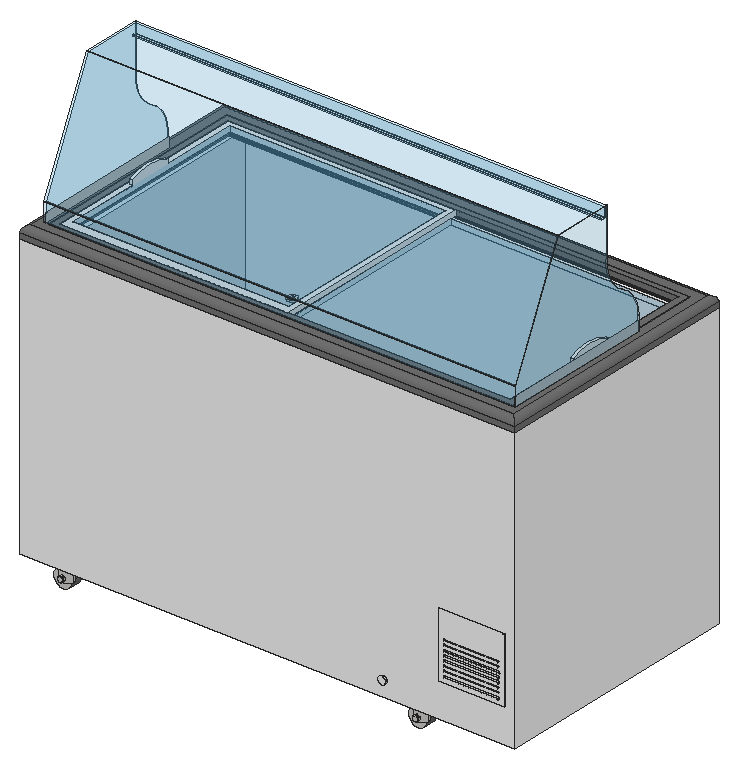
Revit family "Qf_Summit_NOVA45PDC_14 Cu.Ft. Dipping Cabinet", category Specialty Equipment, Revit 2020
Family settings
  Round Connector Dimension = Use Diameter
  Part Type = Normal
  Work Plane-Based = No
  Always vertical = Yes
  Cut with Voids When Loaded = No
  Shared = No
  Room Calculation Point = No
Parameters
  Weight in Pounds = 160
  Watts = FL Amps * Volts  # 828 W
  Volts = 115 V
  URL Cutsheet = ""
  Specification by User = ""
  Specification by Manufacturer = ""
  Show Clearance [instance] = yes
  Serial Number = ""
  Seismic Rating = ""
  SMACNA No = ""
  Revision Code = ""
  Refrigerant Volume = 0.00 kip
  Refrigerant Type = "R290a"
  Phase = 1
  Number of Poles = 1
  NAFEM Spec ID Number = ""
  Model = "NOVA45PDC"
  Min Ckt Ampacity = 0 A
  Max Overcurrent Protection = 0 A
  Masterspec = ""
  Manufacturer = "Summit"
  Length = 53"
  Item Number = ""
  Installed By = ""
  Identify Quantity as Lot = yes
  Height = 48 1/4"
  HP = ""
  Furnished By = ""
  Foodservice Equipment Identifier = yes
  FL Amps = 7.2 A
  Electrical Remarks = ""
  Electric Connection Type = ""
  Elec Conn RI Height = 0"
  Elec Conn Connection Height = 0"
  Description = "14 Cu.Ft. Dipping Cabinet"
  Depth = 27 1/4"
  Default Elevation = 0"
  Cycle = 60 Hz
  Conn Plug = ""
  Conn Conduit = yes
  CSI MasterFormat = ""
  Apparent Power = 828 VA
Reference planes (in)
  plane 1: z = 0
  plane 2 "LEFT": x = 0
  plane 3 "RIGHT": x = 53
  plane 4 "FRONT": y = -28
  plane 5 "TOP": z = 34.25
  plane 6 "Center Y": x = 26.5
  plane 7 "Center X": y = -14.375
  plane 8 "BACK": y = -0.75
  plane 9: z = 2.75
  plane 10: x = 0.75
  plane 11: x = 3.71343
  plane 12: x = 41.6875
  plane 13: x = 39.825
  plane 14: x = 31.95
  plane 15: z = 5.875
  plane 16: z = 15.625
  plane 17: x = 42
  plane 18: x = 3.125
  plane 19: x = 49.875
Forms (in)
  Sweep 1, solid, material "QF_Plastic_Dark_Grey"
    path origin (0, 0, 0) x (1, 0, 0) y (0, 1, 0)
      loop
        line (0, -0.75) -> (0, -28) -> (53, -28) -> (53, -0.75) -> (0, -0.75)
    profile origin (0, -14.375, 0) x (1, 0, 0) y (0, 0, 1)
      loop
        line (0, 33) -> (1.7, 33) -> (1.7, 34.25) -> (0.75, 34.25) -> (0.67874, 34.25)
        arc (0.67874, 34.25) -> (0.1988, 34.0512) -> (0, 33.57126) r 0.67874
        line (0, 33.57126) -> (0, 33)
  Extrusion 2, solid, material "QF_Metallic_Paint_White_Smooth"
    sketch origin (0, 0, 0) x (1, 0, 0) y (0, 1, 0)
      loop
        line (3.125, -27) -> (49.875, -27) -> (49.875, -1.75) -> (3.125, -1.75) -> (3.125, -27)
      loop
        line (53, -0.75) -> (0, -0.75) -> (0, -28) -> (53, -28) -> (53, -0.75)
    from 2.75 to 33
  Extrusion 3, solid, material "QF_Metallic_Paint_White_Smooth"
    sketch origin (0, 0, 0) x (1, 0, 0) y (0, 1, 0)
      loop
        line (2.4, -3.15) -> (2.4, -25.6) -> (26.75, -25.6) -> (26.75, -3.15) -> (2.4, -3.15)
      loop
        line (3.075, -3.8) -> (3.075, -24.8) -> (26.25, -24.8) -> (26.25, -3.8) -> (3.075, -3.8)
    from 33.70906 to 34.25
  Extrusion 4, solid, material "Glass"
    sketch origin (0, 0, 0) x (1, 0, 0) y (0, 1, 0)
      loop
        line (3.075, -3.8) -> (3.075, -24.8) -> (26.25, -24.8) -> (26.25, -3.8) -> (3.075, -3.8)
    from 33.63932 to 34.25
  Extrusion 5, solid, material "QF_Metallic_Paint_White_Smooth"
    sketch origin (0, -0.75, 0) x (1, 0, 0) y (0, 0, 1)
      loop
        line (1, 5.63) -> (1, 2.75) -> (52, 2.75) -> (52, 15.625) -> (42, 15.625) -> (42, 5.63) -> (1, 5.63)
    from 1 to 26.25
  Sweep 6, solid, material "QF_Plastic_Dark_Grey"
    path origin (30, 0, 34.27864) x (-1, 0, 0) y (0, -1, 0)
      loop
        line (27.7, 3.05) -> (27.7, 25.7) -> (-20.7, 25.7) -> (-20.7, 3.05) -> (27.7, 3.05)
    profile origin (26.5, -3.05, 34.27864) x (0, 1, 0) y (0, 0, 1)
      loop
        line (-0.1, -0.02864) -> (-0.1, -0.56958) -> (-0.33757, -0.56958) -> (-0.33757, -0.63932) -> (-0.1, -0.63932) -> (-0.1, -1.18026) -> (-0.33757, -1.18026) -> (-0.33757, -1.27864) -> (0.6, -1.27864) -> (0.6, -0.02864) -> (-0.1, -0.02864)
  Extrusion 7, solid, material "QF_Metallic_Paint_White_Smooth"
    sketch origin (30, 0, -0.61068) x (-1, 0, 0) y (0, -1, 0)
      loop
        line (-20.6, 3.15) -> (3.75, 3.15) -> (3.75, 25.45) -> (-20.6, 25.45) -> (-20.6, 3.15)
      loop
        line (-19.925, 3.8) -> (3.25, 3.8) -> (3.25, 24.8) -> (-19.925, 24.8) -> (-19.925, 3.8)
    from 33.70906 to 34.25
  Extrusion 8, solid, material "Glass"
    sketch origin (30, 0, -0.61068) x (-1, 0, 0) y (0, -1, 0)
      loop
        line (-19.925, 3.8) -> (3.25, 3.8) -> (3.25, 24.8) -> (-19.925, 24.8) -> (-19.925, 3.8)
    from 33.70906 to 34.25
  Extrusion 9, solid, material "QF_Metallic_Paint_White_Smooth"
    sketch origin (23.88, 0, 0) x (0, 1, 0) y (0, 0, 1)
      loop
        line (-16.73455, 34.25) -> (-12.01545, 34.25) -> (-12.01545, 34.75)
        arc (-12.01545, 34.75) -> (-14.375, 35.25) -> (-16.73455, 34.75) r 5.8175
        line (-16.73455, 34.75) -> (-16.73455, 34.25)
    from -21.12162 to -20.805
  Extrusion 10, solid, material "QF_Metallic_Paint_White_Smooth"
    sketch origin (6.12, 0, -0.61068) x (0, 1, 0) y (0, 0, -1)
      loop
        line (-16.73455, -34.25) -> (-16.73455, -34.75)
        arc (-16.73455, -34.75) -> (-14.375, -35.25) -> (-12.01545, -34.75) r 5.8175
        line (-12.01545, -34.75) -> (-12.01545, -34.25) -> (-16.73455, -34.25)
    from -44.12162 to -43.805
  Extrusion 11, solid, material "QF_Metallic_Paint_White_Smooth"
    sketch origin (0, -28, 0) x (1, 0, 0) y (0, 0, 1)
      loop
        line (44.875, 13.375) -> (44.875, 6.375) -> (51.875, 6.375) -> (51.875, 13.375) -> (44.875, 13.375)
      loop
        line (45.375, 10.625) -> (45.375, 10.375) -> (51.375, 10.375) -> (51.375, 10.625) -> (45.375, 10.625)
      loop
        line (51.375, 10.125) -> (45.375, 10.125) -> (45.375, 9.875) -> (51.375, 9.875) -> (51.375, 10.125)
      loop
        line (45.375, 9.625) -> (45.375, 9.375) -> (51.375, 9.375) -> (51.375, 9.625) -> (45.375, 9.625)
      loop
        line (51.375, 9.125) -> (45.375, 9.125) -> (45.375, 8.875) -> (51.375, 8.875) -> (51.375, 9.125)
      loop
        line (45.375, 8.625) -> (45.375, 8.375) -> (51.375, 8.375) -> (51.375, 8.625) -> (45.375, 8.625)
      loop
        line (51.375, 8.125) -> (45.375, 8.125) -> (45.375, 7.875) -> (51.375, 7.875) -> (51.375, 8.125)
      loop
        line (45.375, 7.625) -> (45.375, 7.375) -> (51.375, 7.375) -> (51.375, 7.625) -> (45.375, 7.625)
      loop
        line (51.375, 7.125) -> (45.375, 7.125) -> (45.375, 6.875) -> (51.375, 6.875) -> (51.375, 7.125)
    from 0 to 0.03125
  Extrusion 12, solid, material "QF_Metallic_Paint_White_Smooth"
    sketch origin (0, -0.75, 0) x (1, 0, 0) y (0, 0, 1)
      loop
        circle (50, 5.375) r 0.25
    from 0 to -0.23344
  Extrusion 13, solid, material "QF_Metallic_Paint_White_Smooth"
    sketch origin (0, -28, 0) x (1, 0, 0) y (0, 0, 1)
      loop
        circle (38.875, 4.375) r 0.40028
    from 0 to 0.15886
  Extrusion 14, solid, material "QF_Metal - Stainless - Polished"
    sketch origin (0.07561, 0.09001, 34.25) x (1, 0, 0) y (0, 1, 0)
      loop
        circle (25.42439, -23.52751) r 0.5
      loop
        circle (25.42439, -23.52751) r 0.25
      loop
        arc (25.45564, -23.57767) -> (25.42439, -23.46841) -> (25.39314, -23.57767) r 0.0591
        line (25.39314, -23.57767) -> (25.39314, -23.72445)
        arc (25.39314, -23.72445) -> (25.42439, -23.7557) -> (25.45564, -23.72445) r 0.03125
        line (25.45564, -23.72445) -> (25.45564, -23.57767)
    from 0.04239 to -0.05358
Cuts and joins
  joined: Extrusion 2, Extrusion 5, Extrusion 11, Extrusion 12
  joined: Extrusion 3, Extrusion 9
  joined: Extrusion 7, Extrusion 10
Lines and regions (in)
  Split face 1
    outline origin (44.875, -28.03125, 13.375) x (-1, 0, 0) y (0, 0, -1)
      loop
        arc (-2, 1.7125) -> (-2.02929, 1.78321) -> (-2.1, 1.8125) r 0.1
        line (-2.1, 1.8125) -> (-4.9, 1.8125)
        arc (-4.9, 1.8125) -> (-4.97071, 1.78321) -> (-5, 1.7125) r 0.1
        line (-5, 1.7125) -> (-5, 0.6)
        arc (-5, 0.6) -> (-4.97071, 0.52929) -> (-4.9, 0.5) r 0.1
        line (-4.9, 0.5) -> (-2.1, 0.5)
        arc (-2.1, 0.5) -> (-2.02929, 0.52929) -> (-2, 0.6) r 0.1
        line (-2, 0.6) -> (-2, 1.7125)
  Split face 2
    outline origin (44.875, -28.03125, 13.375) x (-1, 0, 0) y (0, 0, -1)
      loop
        line (-2.625, 0.6875) -> (-2.625, 1.375) -> (-4.374, 1.375) -> (-4.374, 0.6875) -> (-2.625, 0.6875)
  Split face 3
    outline origin (44.875, -28.03125, 13.375) x (-1, 0, 0) y (0, 0, -1)
      loop
        arc (-2.4061, 0.67406) -> (-2.3125, 0.54855) -> (-2.2189, 0.67406) r 0.09766
        arc (-2.2189, 0.67406) -> (-2.24545, 0.75668) -> (-2.26367, 0.84152) r 0.87424
        line (-2.26367, 0.84152) -> (-2.26974, 0.93917) -> (-2.35526, 0.93917) -> (-2.36133, 0.84152)
        arc (-2.36133, 0.84152) -> (-2.37955, 0.75668) -> (-2.4061, 0.67406) r 0.87424
  Split face 4
    outline origin (44.875, -28.03125, 13.375) x (-1, 0, 0) y (0, 0, -1)
      loop
        line (-4.59026, 0.82885) -> (-4.6875, 0.81322) -> (-4.78474, 0.82885) -> (-4.6875, 0.66041) -> (-4.59026, 0.82885)
  Split face 5
    outline origin (44.875, -28.03125, 13.375) x (-1, 0, 0) y (0, 0, -1)
      loop
        line (-4.6875, 1.09273) -> (-4.59026, 1.07711) -> (-4.6875, 1.24554) -> (-4.78474, 1.07711) -> (-4.6875, 1.09273)
  Split face 6
    outline origin (44.875, -28.03125, 13.375) x (-1, 0, 0) y (0, 0, -1)
      loop
        arc (-4.67187, 1.54954) -> (-4.6875, 1.73573) -> (-4.70312, 1.54954) r 0.09375
        line (-4.70312, 1.54954) -> (-4.70312, 1.48913) -> (-4.67187, 1.48913) -> (-4.67187, 1.54954)
  symbolic lines
    curve 1: line (0, -0.75, 0) -> (53, -0.75, 0)
    curve 2: line (0, -28, 0) -> (0, -0.75, 0)
    curve 3: line (53, -28, 0) -> (0, -28, 0)
    curve 4: line (53, -0.75, 0) -> (53, -28, 0)
    curve 5: line (51.3, -27, 0) -> (51.3, -2.45, 0)
    curve 6: line (1.7, -26.3, 0) -> (51.3, -26.3, 0)
    curve 7: line (51.3, -9.8, 0) -> (51.3, -2.45, 0)
    curve 8: line (49.925, -3.8, 0) -> (26.75, -3.8, 0)
    curve 9: line (49.925, -24.8, 0) -> (49.925, -3.8, 0)
    curve 10: line (26.75, -9.8, 0) -> (26.75, -3.8, 0)
    curve 11: line (1, -1.75, 0) -> (1, -26.425, 0)
    curve 12: line (52, -1.75, 0) -> (1, -1.75, 0)
    curve 13: line (52, -1.75, 0) -> (52, -26.425, 0)
    curve 14: line (52, -26.425, 0) -> (1, -26.425, 0)
    curve 15: line (2.75838, -12.01545, 0) -> (2.75838, -16.73455, 0)
    curve 16: line (2.75838, -16.73455, 0) -> (3.075, -16.73455, 0)
    curve 17: line (3.075, -16.73455, 0) -> (3.075, -12.01545, 0)
    curve 18: line (3.075, -12.01545, 0) -> (2.75838, -12.01545, 0)
    curve 19: line (2.4, -25.6, 0) -> (2.4, -3.15, 0)
    curve 20: line (2.4, -3.15, 0) -> (50.6, -3.15, 0)
    curve 21: line (50.6, -3.15, 0) -> (50.6, -25.6, 0)
    curve 22: line (50.6, -25.6, 0) -> (2.4, -25.6, 0)
    curve 23: line (1.7, -2.45, 0) -> (1.7, -26.3, 0)
    curve 24: line (1.7, -26.3, 0) -> (51.3, -26.3, 0)
    curve 25: line (51.3, -26.3, 0) -> (51.3, -2.45, 0)
    curve 26: line (51.3, -2.45, 0) -> (1.7, -2.45, 0)
    curve 27: line (26.75, -25.6, 0) -> (26.75, -3.15, 0)
    curve 28: line (26.25, -24.8, 0) -> (26.25, -3.8, 0)
    curve 29: line (26.25, -3.8, 0) -> (3.075, -3.8, 0)
    curve 30: line (3.075, -3.8, 0) -> (3.075, -24.8, 0)
    curve 31: line (3.075, -24.8, 0) -> (26.25, -24.8, 0)
    curve 32: line (26.75, -24.8, 0) -> (49.925, -24.8, 0)
    curve 33: line (50.24162, -12.01545, 0) -> (50.24162, -16.73455, 0)
    curve 34: line (50.24162, -16.73455, 0) -> (49.925, -16.73455, 0)
    curve 35: line (49.925, -12.01545, 0) -> (50.24162, -12.01545, 0)
    curve 36: arc (25, -23.4375, 0) -> (25.5, -23.9375, 0) -> (26, -23.4375, 0) r 0.5
    curve 37: arc (26, -23.4375, 0) -> (25.5, -22.9375, 0) -> (25, -23.4375, 0) r 0.5
    curve 38: arc (25.75, -23.4375, 0) -> (25.5, -23.6875, 0) -> (25.25, -23.4375, 0) r 0.25
    curve 39: arc (25.25, -23.4375, 0) -> (25.5, -23.1875, 0) -> (25.75, -23.4375, 0) r 0.25
    curve 40: arc (25.46875, -23.63444, 0) -> (25.5, -23.66569, 0) -> (25.53125, -23.63444, 0) r 0.03125
    curve 41: line (25.53125, -23.63444, 0) -> (25.53125, -23.48766, 0)
    curve 42: arc (25.53125, -23.48766, 0) -> (25.5, -23.3784, 0) -> (25.46875, -23.48766, 0) r 0.0591
    curve 43: line (25.46875, -23.48766, 0) -> (25.46875, -23.63444, 0)
    curve 44: line (42, -3.8, 0) -> (42, -24.8, 0)
Dimensions and locks (in)
  equal spacing: plane 2 "LEFT", plane 6 "Center Y", plane 3 "RIGHT"
  "Length": plane 2 "LEFT" to plane 3 "RIGHT"
  equal spacing: plane 4 "FRONT", plane 7 "Center X", plane 8 "BACK"
  nested 5 to level = 48 1/4"
  plane 3 "RIGHT" to plane 2 "LEFT" = 53"
  plane 5 "TOP" to level = 34 1/4"  (x2)
  "Depth": plane 4 "FRONT" to plane 8 "BACK"
  plane 9 to level = 2 3/4"
  locked: plane 11 to plane 2 "LEFT" at 3.71343
  locked: plane 3 "RIGHT" to plane 12 at 11.3125
  plane 5 "TOP" to cut or joined group of Extrusion 2, Extrusion 5, Extrusion 11, Extrusion 12 = 31 1/2"
  Extrusion 2 sketch curve to plane 3 "RIGHT" = 3 1/8"
  plane 13 to Extrusion 5 sketch curve = 2.175"
  locked: Extrusion 5 sketch curve to plane 3 "RIGHT" at 1
  locked: Sweep 6 sketch curve to plane 3 "RIGHT" at 2.3
  Extrusion 3 sketch curve to plane 6 "Center Y" to Extrusion 3 sketch curve = 1/4" locked, 1/4" locked
  cut or joined group of Extrusion 7, Extrusion 10 to cut or joined group of Extrusion 7, Extrusion 10 to cut or joined group of Extrusion 7, Extrusion 10 to plane 3 "RIGHT" = 0" locked, 0.31662", 2.75838"
  nested 5 to plane 5 "TOP" = 14"
  plane 18 to plane 19 = 46 3/4"
  locked: plane 19 to plane 17 at 7.875
  locked: plane 16 to plane 15 at 9.75
  plane 15 to level = 5 7/8"
  cut or joined group of Extrusion 7, Extrusion 10 to cut or joined group of Extrusion 7, Extrusion 10 = 21"
  aligned and locked: level to plane 1
  aligned and locked: nested 1 to plane 11
  aligned and locked: nested 2 to plane 11
  aligned and locked: nested 3 to plane 12
  aligned and locked: nested 4 to plane 12
  aligned and locked: Extrusion 3 to Extrusion 4  (x3)
  aligned and locked: Extrusion 8 to Extrusion 7  (x3)
  aligned and locked: Extrusion 2 sketch curve to plane 3 "RIGHT"
  aligned and locked: Sweep 1 sketch curve to plane 3 "RIGHT"
  aligned and locked: cut or joined group of Extrusion 7, Extrusion 10 to cut or joined group of Extrusion 7, Extrusion 10
  aligned and locked: cut or joined group of Extrusion 2, Extrusion 5, Extrusion 11, Extrusion 12 to plane 19
  aligned and locked: plane 16 to cut or joined group of Extrusion 2, Extrusion 5, Extrusion 11, Extrusion 12
Automatic sketch dimensions
  Extrusion 9 sketch curve to plane 5 "TOP" = 0"
  Extrusion 9 sketch curve to plane 7 "Center X" = 0"
  Extrusion 9 sketch curve to plane 7 "Center X" = 2.35955"
  plane 5 "TOP" to Extrusion 9 sketch curve = 1/2"
  plane 7 "Center X" to Extrusion 9 sketch curve = 2.35955"
  Extrusion 9 sketch curve to plane 5 "TOP" = 4.8175"
  Extrusion 10 sketch curve to plane 5 "TOP" = 0.61068"
  Extrusion 10 sketch curve to plane 7 "Center X" = 0"
  Extrusion 10 sketch curve to plane 7 "Center X" = 2.35955"
  Extrusion 10 sketch curve to plane 5 "TOP" = 0.11068"
  plane 7 "Center X" to Extrusion 10 sketch curve = 2.35955"
  Extrusion 10 sketch curve to plane 5 "TOP" = 5.42818"
  Sweep 1 sketch curve to plane 2 "LEFT" = 0"
  plane 4 "FRONT" to Sweep 1 sketch curve = 0"
  plane 8 "BACK" to Sweep 1 sketch curve = 0"
  profile plane to Sweep 1 sketch curve = 0"
  plane 10 to Sweep 1 sketch curve = 0"
  Sweep 1 sketch curve to Sweep 1 sketch curve = 0.07126"
  Sweep 1 sketch curve to plane 10 = 0.95"
  level to Sweep 1 sketch curve = 33"
  Sweep 1 sketch curve to Sweep 1 sketch curve = 0.57126"
  Extrusion 2 sketch curve to plane 2 "LEFT" = 0"
  Extrusion 2 sketch curve to plane 18 = 0"
  plane 4 "FRONT" to Extrusion 2 sketch curve = 0"
  plane 8 "BACK" to Extrusion 2 sketch curve = 0"
  Extrusion 2 sketch curve to plane 4 "FRONT" = 1"
  plane 8 "BACK" to Extrusion 2 sketch curve = 1"
  plane 18 to Extrusion 3 sketch curve = 0.05"
  plane 18 to Extrusion 3 sketch curve = 0.725"
  Extrusion 3 sketch curve to plane 4 "FRONT" = 2.4"
  Extrusion 3 sketch curve to Extrusion 3 sketch curve = 0.8"
  plane 8 "BACK" to Extrusion 3 sketch curve = 3.05"
  Extrusion 3 sketch curve to Extrusion 3 sketch curve = 0.65"
  plane 18 to Extrusion 4 sketch curve = 0.05"
  Extrusion 4 sketch curve to plane 6 "Center Y" = 1/4"
  Extrusion 4 sketch curve to plane 4 "FRONT" = 3.2"
  plane 8 "BACK" to Extrusion 4 sketch curve = 3.05"
  Extrusion 5 sketch curve to plane 9 = 0"
  Extrusion 5 sketch curve to plane 16 = 0"
  Extrusion 5 sketch curve to plane 15 = 0.245"
  plane 2 "LEFT" to Extrusion 5 sketch curve = 1"
  plane 18 to Sweep 6 sketch curve = 0.825"
  plane 8 "BACK" to Sweep 6 sketch curve = 2.3"
  Sweep 6 sketch curve to plane 4 "FRONT" = 2.3"
  profile plane to Sweep 6 sketch curve = 0.33757"  (x2)
  profile plane to Sweep 6 sketch curve = 0.1"
  Sweep 6 sketch curve to Sweep 6 sketch curve = 0"
  Sweep 6 sketch curve to profile plane = 0.02864"
  Sweep 6 sketch curve to profile plane = 0.6"
  Sweep 6 sketch curve to profile plane = 0.56958"
  Sweep 6 sketch curve to Sweep 6 sketch curve = 0.06974"
  Sweep 6 sketch curve to Sweep 6 sketch curve = 0.54094"
  Sweep 6 sketch curve to Sweep 6 sketch curve = 0.09838"
  Extrusion 7 sketch curve to plane 19 = 0.725"
  Extrusion 7 sketch curve to plane 19 = 0.05"
  Extrusion 7 sketch curve to plane 6 "Center Y" = 1/4"
  plane 6 "Center Y" to Extrusion 7 sketch curve = 1/4"
  plane 4 "FRONT" to Extrusion 7 sketch curve = 2.55"
  Extrusion 7 sketch curve to Extrusion 7 sketch curve = 0.65"  (x2)
  Extrusion 7 sketch curve to plane 8 "BACK" = 3.05"
  Extrusion 8 sketch curve to plane 19 = 0.05"
  Extrusion 8 sketch curve to plane 6 "Center Y" = 1/4"
  plane 4 "FRONT" to Extrusion 8 sketch curve = 3.2"
  Extrusion 8 sketch curve to plane 8 "BACK" = 3.05"
  plane 15 to Extrusion 11 sketch curve = 1/2"
  plane 17 to Extrusion 11 sketch curve = 2 7/8"
  Extrusion 11 sketch curve to Extrusion 11 sketch curve = 1/2"  (x4)
  Extrusion 11 sketch curve to Extrusion 11 sketch curve = 0"  (x13)
  plane 19 to Extrusion 11 sketch curve = 1 1/2"
  Extrusion 11 sketch curve to Extrusion 11 sketch curve = 1/4"  (x15)
  Extrusion 11 sketch curve to plane 16 = 2 1/4"
  cut or joined group of Extrusion 2, Extrusion 5, Extrusion 11, Extrusion 12 to Split face 1 sketch curve = 1 1/2"
  Split face 1 sketch curve to Split face 1 sketch curve = 0.1"  (x3)
  Split face 1 sketch curve to cut or joined group of Extrusion 2, Extrusion 5, Extrusion 11, Extrusion 12 = 0.6"
  cut or joined group of Extrusion 2, Extrusion 5, Extrusion 11, Extrusion 12 to Split face 1 sketch curve = 1.6"
  Split face 1 sketch curve to Split face 1 sketch curve = 0"
  Split face 1 sketch curve to cut or joined group of Extrusion 2, Extrusion 5, Extrusion 11, Extrusion 12 = 1.0375"
  Split face 2 sketch curve to cut or joined group of Extrusion 2, Extrusion 5, Extrusion 11, Extrusion 12 = 11/16"
  cut or joined group of Extrusion 2, Extrusion 5, Extrusion 11, Extrusion 12 to Split face 2 sketch curve = 2.126"
  Split face 2 sketch curve to Split face 2 sketch curve = 1.749"
  Split face 2 sketch curve to Split face 2 sketch curve = 11/16"
  Split face 3 sketch curve to cut or joined group of Extrusion 2, Extrusion 5, Extrusion 11, Extrusion 12 = 0.98248"
  cut or joined group of Extrusion 2, Extrusion 5, Extrusion 11, Extrusion 12 to Split face 3 sketch curve = 2.72413"
  Split face 3 sketch curve to cut or joined group of Extrusion 2, Extrusion 5, Extrusion 11, Extrusion 12 = 0.84152"  (x2)
  Split face 3 sketch curve to Split face 3 sketch curve = 0.8628"
  Split face 3 sketch curve to Split face 3 sketch curve = 0.00606"
  Split face 3 sketch curve to Split face 3 sketch curve = 0.04883"
  Split face 3 sketch curve to Split face 3 sketch curve = 0.08553"
  Split face 3 sketch curve to Split face 3 sketch curve = 25/256"  (x2)
  Split face 3 sketch curve to Split face 3 sketch curve = 0.86886"
  Split face 3 sketch curve to Split face 3 sketch curve = 25/128"
  Split face 3 sketch curve to Split face 3 sketch curve = 0.04331"
  Split face 3 sketch curve to Split face 3 sketch curve = 0.0936"
  Split face 4 sketch curve to cut or joined group of Extrusion 2, Extrusion 5, Extrusion 11, Extrusion 12 = 0.82885"  (x2)
  cut or joined group of Extrusion 2, Extrusion 5, Extrusion 11, Extrusion 12 to Split face 4 sketch curve = 1.71526"
  Split face 4 sketch curve to cut or joined group of Extrusion 2, Extrusion 5, Extrusion 11, Extrusion 12 = 0.66041"
  Split face 4 sketch curve to Split face 4 sketch curve = 0.09724"  (x3)
  Split face 4 sketch curve to cut or joined group of Extrusion 2, Extrusion 5, Extrusion 11, Extrusion 12 = 0.81322"
  cut or joined group of Extrusion 2, Extrusion 5, Extrusion 11, Extrusion 12 to Split face 5 sketch curve = 1.71526"
  Split face 5 sketch curve to Split face 5 sketch curve = 0.09724"  (x2)
  Split face 5 sketch curve to Split face 5 sketch curve = 0"  (x2)
  Split face 5 sketch curve to cut or joined group of Extrusion 2, Extrusion 5, Extrusion 11, Extrusion 12 = 1.07711"
  Split face 5 sketch curve to Split face 5 sketch curve = 1/64"
  Split face 5 sketch curve to Split face 5 sketch curve = 0.15281"
  cut or joined group of Extrusion 2, Extrusion 5, Extrusion 11, Extrusion 12 to Split face 6 sketch curve = 1 51/64"
  Split face 6 sketch curve to Split face 6 sketch curve = 1/64"
  Split face 6 sketch curve to Split face 6 sketch curve = 1/32"
  Split face 6 sketch curve to cut or joined group of Extrusion 2, Extrusion 5, Extrusion 11, Extrusion 12 = 1.26087"
  Split face 6 sketch curve to Split face 6 sketch curve = 0.06041"
  Split face 6 sketch curve to Split face 6 sketch curve = 0.09244"
  plane 19 to Extrusion 12 sketch curve = 1/8"
  Extrusion 12 sketch curve to plane 15 = 1/2"
  Extrusion 14 sketch curve to Extrusion 14 sketch curve = 0"  (x6)
  Extrusion 14 sketch curve to Extrusion 4 = 25/32"
  Extrusion 14 sketch curve to Extrusion 14 sketch curve = 1/32"  (x2)
  Extrusion 14 sketch curve to Extrusion 4 = 1.16556"
  Extrusion 14 sketch curve to Extrusion 14 sketch curve = 0.14678"
  Extrusion 14 sketch curve to Extrusion 14 sketch curve = 0.05016"
  curve 36 to curve 38 = 0"  (x2)
  curve 36 to curve 42 = 0"  (x2)
  curve 3 to plane 2 "LEFT" = 0"
  curve 44 to plane 17 = 0"
  curve 3 to plane 3 "RIGHT" = 0"
  plane 4 "FRONT" to curve 4 = 0"
  plane 8 "BACK" to curve 2 = 0"
  plane 2 "LEFT" to curve 12 = 1"
  curve 11 to curve 24 = 0.7"
  plane 18 to curve 22 = 0.725"
  plane 18 to curve 18 = 0.36662"
  plane 18 to curve 17 = 0.05"
  plane 18 to curve 29 = 0.05"
  curve 43 to plane 6 "Center Y" = 1 1/32"
  curve 40 to curve 40 = 1/32"
  curve 43 to curve 39 = 1/32"
  curve 31 to plane 6 "Center Y" = 1/4"
  plane 6 "Center Y" to curve 8 = 1/4"
  plane 19 to curve 32 = 0.05"
  curve 35 to curve 33 = 0.31662"
  plane 19 to curve 20 = 0.725"
  curve 21 to curve 24 = 0.7"
  curve 5 to curve 13 = 0.7"
  curve 11 to plane 4 "FRONT" = 1.575"
  curve 11 to curve 23 = 1/8"
  curve 6 to curve 21 = 0.7"
  curve 27 to curve 31 = 0.8"
  curve 21 to curve 9 = 0.8"
  curve 28 to curve 40 = 1.16556"
  curve 40 to curve 43 = 0.14678"
  curve 43 to curve 38 = 0.05016"
  curve 33 to plane 7 "Center X" = 2.35955"
  curve 15 to plane 7 "Center X" = 2.35955"
  plane 7 "Center X" to curve 35 = 2.35955"
  plane 7 "Center X" to curve 18 = 2.35955"
  curve 28 to curve 10 = 0"
  curve 29 to curve 20 = 0.65"
  curve 20 to curve 26 = 0.7"
  curve 23 to curve 11 = 0.7"
  curve 36 to curve 42 = 15/32"
  curve 39 to curve 42 = 7/32"
  plane 6 "Center Y" to curve 27 = 1/4"
  curve 5 to curve 6 = 0.7"
  curve 33 to curve 7 = 2.21545"
  plane 7 "Center X" to curve 10 = 4.575"
  plane 8 "BACK" to curve 44 = 3.05"
  radius of Extrusion 12 sketch curve = 1/4"
  radius of Extrusion 14 sketch curve = 1/2"
  radius of Extrusion 14 sketch curve = 1/4"
Nested families (in)
  nested 1: "2-34 INCHES_CASTER" at (3.71343, -25.875, 0) x (0, -1, 0) z (0, 0, 1), type "2-34 INCHES_CASTER"
    with Type Mark "", Specification by User "", Show 4.25" Casters yes, Right Lock yes, Revision Code "", Left Lock yes, Item Number "", Installed By "", Identify Quantity as Lot yes, Furnished By "", Foodservice Equipment Identifier yes
  nested 2: "2-34 INCHES_CASTER" at (3.71343, -2.875, 0) x (0, -1, 0) z (0, 0, 1), type "2-34 INCHES_CASTER"
    with Type Mark "", Specification by User "", Show 4.25" Casters yes, Right Lock yes, Revision Code "", Left Lock yes, Item Number "", Installed By "", Identify Quantity as Lot yes, Furnished By "", Foodservice Equipment Identifier yes
  nested 3: "2-34 INCHES_CASTER" at (41.6875, -25.875, 0) x (0, -1, 0) z (0, 0, 1), type "2-34 INCHES_CASTER"
    with Type Mark "", Specification by User "", Show 4.25" Casters yes, Right Lock yes, Revision Code "", Left Lock yes, Item Number "", Installed By "", Identify Quantity as Lot yes, Furnished By "", Foodservice Equipment Identifier yes
  nested 4: "2-34 INCHES_CASTER" at (41.6875, -2.875, 0) x (0, -1, 0) z (0, 0, 1), type "2-34 INCHES_CASTER"
    with Type Mark "", Specification by User "", Show 4.25" Casters yes, Right Lock yes, Revision Code "", Left Lock yes, Item Number "", Installed By "", Identify Quantity as Lot yes, Furnished By "", Foodservice Equipment Identifier yes
  nested 5: "FSNEEZEGUARD for NOVA 45" at (3.425, 3.825, 33), type "FSNEEZEGUARD for NOVA 45"
Connectors (in)
  electrical at (50, -0.51656, 5.375)
    settings: on cut or joined group of Extrusion 2, Extrusion 5, Extrusion 11, Extrusion 12, index 1, voltage 0 V, apparent load 0 VA, apparent load phase1 0 VA, apparent load phase2 0 VA, apparent load phase3 0 VA, power factor 1, load classification "Other", number of poles 1, system type 31, power factor state 1, is connector primary yes, connector utility no, sub classification motor no, connector description ""
  piping at (38.875, -28.15886, 4.375), diameter 0.75
    settings: on Extrusion 13, index 2, connector inside diameter 24", connector length 0", flow factor 0, pipe flow 0 GPM, pressure drop 0.00 psi, fitting loss kfactor 0, connector angle 0.00°, fixture units 0, engagement length 0", angle of deflection 0.00°, flow configuration 1, flow direction 2, fitting loss method 0, system type 16, joint type 0, gender type 0, connector reference index -1, connector utility 0, adjustable connector no, is connector primary yes, connector description "Drain"
Definition of nested family "2-34 INCHES_CASTER"
  Parameters (values of type "2-34 INCHES_CASTER")
    Weight = ""
    URL Manufacturer = ""
    URL Cutsheet = ""
    URL = ""
    Type Mark [instance] = ""
    Specification by User [instance] = ""
    Specification by Manufacturer = ""
    Show 4.25" Casters [instance] = yes
    Serial Number = ""
    Seismic Rating = ""
    SMACNA No = ""
    Right Lock [instance] = yes
    Revision Code [instance] = ""
    Omniclass Number and Title = ""
    NAFEM Spec ID Number = ""
    Model = ""
    MasterSpec. = ""
    Manufacturer = ""
    Left Lock [instance] = yes
    Item Number [instance] = ""
    Installed By [instance] = ""
    Identify Quantity as Lot [instance] = yes
    Furnished By [instance] = ""
    Foodservice Equipment Identifier [instance] = yes
    Description = ""
    Default Elevation = 0"
    CSI MasterFormat = ""
    CSI Master Format = ""
    Assembly Code = ""
  Reference planes (in)
    plane 1: z = 0
    plane 2 "RIGHT": x = 0
    plane 3 "FRONT": y = 0
    plane 4 "TOP": z = 2.74
    plane 5: z = 2.74
  Forms (in)
    Extrusion 1, solid, visible <- "Show 4.25" Casters"
      sketch origin (-0.60795, -3.50665, 0) x (0, 1, 0) y (0, 0, 1)
        loop
          arc (4.4375, 2.09375) -> (4.42835, 2.11585) -> (4.40625, 2.125) r 0.03125
          line (4.40625, 2.125) -> (4.34375, 2.125)
          arc (4.34375, 2.125) -> (4.32165, 2.13415) -> (4.3125, 2.15625) r 0.03125
          line (4.3125, 2.15625) -> (4.3125, 2.59375)
          arc (4.3125, 2.59375) -> (4.32165, 2.61585) -> (4.34375, 2.625) r 0.03125
          line (4.34375, 2.625) -> (4.625, 2.625) -> (4.625, 2.75) -> (2.625, 2.75) -> (2.625, 2.625) -> (2.90625, 2.625)
          arc (2.90625, 2.625) -> (2.92835, 2.61585) -> (2.9375, 2.59375) r 0.03125
          line (2.9375, 2.59375) -> (2.9375, 2.15625)
          arc (2.9375, 2.15625) -> (2.92835, 2.13415) -> (2.90625, 2.125) r 0.03125
          line (2.90625, 2.125) -> (2.84375, 2.125)
          arc (2.84375, 2.125) -> (2.82165, 2.11585) -> (2.8125, 2.09375) r 0.03125
          line (2.8125, 2.09375) -> (2.8125, 0.75)
          arc (2.8125, 0.75) -> (2.84911, 0.66161) -> (2.9375, 0.625) r 0.125
          line (2.9375, 0.625) -> (3.3125, 0.625) -> (4.35203, 0.97151)
          arc (4.35203, 0.97151) -> (4.41391, 1.01701) -> (4.4375, 1.09009) r 0.125
          line (4.4375, 1.09009) -> (4.4375, 2.09375)
      from 0 to -0.09291
    Extrusion 2, solid, visible <- "Show 4.25" Casters"
      sketch origin (-0.60795, -3.50665, 0) x (0, 1, 0) y (0, 0, 1)
        loop
          line (4.625, 2.75) -> (2.625, 2.75) -> (2.625, 2.625) -> (4.625, 2.625) -> (4.625, 2.75)
      from 0 to 1.2159
    Extrusion 3, solid, visible <- "Show 4.25" Casters"
      sketch origin (-0.60795, -3.50665, 0) x (0, 1, 0) y (0, 0, 1)
        loop
          line (3.46896, 1.1625) -> (3.1875, 1.325) -> (2.90604, 1.1625) -> (2.90604, 0.8375) -> (3.1875, 0.675) -> (3.46896, 0.8375) -> (3.46896, 1.1625)
      from -0.27106 to -0.09291
    Extrusion 4, solid, visible <- "Show 4.25" Casters"
      sketch origin (-0.60795, -3.50665, 0) x (0, 1, 0) y (0, 0, 1)
        loop
          circle (3.1875, 1) r 0.28146
      from -0.31535 to 1.53554
    Extrusion 5, solid, visible <- "Show 4.25" Casters"
      sketch origin (-0.60795, -3.50665, 0) x (0, 1, 0) y (0, 0, 1)
        loop
          circle (3.1875, 1) r 1
      from 0.03554 to 1.18465
    Extrusion 6, solid, visible <- "Show 4.25" Casters"
      sketch origin (-0.60795, -3.50665, 0) x (0, 1, 0) y (0, 0, 1)
        loop
          line (2.90625, 2.125) -> (2.84375, 2.125)
          arc (2.84375, 2.125) -> (2.82165, 2.11585) -> (2.8125, 2.09375) r 0.03125
          line (2.8125, 2.09375) -> (4.4375, 2.09375)
          arc (4.4375, 2.09375) -> (4.42835, 2.11585) -> (4.40625, 2.125) r 0.03125
          line (4.40625, 2.125) -> (4.34375, 2.125)
          arc (4.34375, 2.125) -> (4.32165, 2.13415) -> (4.3125, 2.15625) r 0.03125
          line (4.3125, 2.15625) -> (4.3125, 2.59375)
          arc (4.3125, 2.59375) -> (4.32165, 2.61585) -> (4.34375, 2.625) r 0.03125
          line (4.34375, 2.625) -> (2.90625, 2.625)
          arc (2.90625, 2.625) -> (2.92835, 2.61585) -> (2.9375, 2.59375) r 0.03125
          line (2.9375, 2.59375) -> (2.9375, 2.15625)
          arc (2.9375, 2.15625) -> (2.92835, 2.13415) -> (2.90625, 2.125) r 0.03125
      from 0 to 1.2159
    Extrusion 7, solid, visible <- "Show 4.25" Casters"
      sketch origin (0.60795, -3.50665, 0) x (0, 1, 0) y (0, 0, -1)
        loop
          line (4.4375, -2.09375) -> (4.4375, -1.09009)
          arc (4.4375, -1.09009) -> (4.41391, -1.01701) -> (4.35203, -0.97151) r 0.125
          line (4.35203, -0.97151) -> (3.3125, -0.625) -> (2.9375, -0.625)
          arc (2.9375, -0.625) -> (2.84911, -0.66161) -> (2.8125, -0.75) r 0.125
          line (2.8125, -0.75) -> (2.8125, -2.09375)
          arc (2.8125, -2.09375) -> (2.82165, -2.11585) -> (2.84375, -2.125) r 0.03125
          line (2.84375, -2.125) -> (2.90625, -2.125)
          arc (2.90625, -2.125) -> (2.92835, -2.13415) -> (2.9375, -2.15625) r 0.03125
          line (2.9375, -2.15625) -> (2.9375, -2.59375)
          arc (2.9375, -2.59375) -> (2.92835, -2.61585) -> (2.90625, -2.625) r 0.03125
          line (2.90625, -2.625) -> (2.625, -2.625) -> (2.625, -2.75) -> (4.625, -2.75) -> (4.625, -2.625) -> (4.34375, -2.625)
          arc (4.34375, -2.625) -> (4.32165, -2.61585) -> (4.3125, -2.59375) r 0.03125
          line (4.3125, -2.59375) -> (4.3125, -2.15625)
          arc (4.3125, -2.15625) -> (4.32165, -2.13415) -> (4.34375, -2.125) r 0.03125
          line (4.34375, -2.125) -> (4.40625, -2.125)
          arc (4.40625, -2.125) -> (4.42835, -2.11585) -> (4.4375, -2.09375) r 0.03125
      from 0 to -0.09291
    Extrusion 8, solid, visible <- "Show 4.25" Casters"
      sketch origin (0.60795, -3.50665, 0) x (0, 1, 0) y (0, 0, -1)
        loop
          line (3.46896, -1.1625) -> (3.46896, -0.8375) -> (3.1875, -0.675) -> (2.90604, -0.8375) -> (2.90604, -1.1625) -> (3.1875, -1.325) -> (3.46896, -1.1625)
      from -0.27106 to -0.09291
  Cuts and joins
    joined: Extrusion 1, Extrusion 2, Extrusion 3, Extrusion 4, Extrusion 5, Extrusion 6, Extrusion 7, Extrusion 8
  Lines and regions (in)
    symbolic lines, visible <- "Show 4.25" Casters"
      curve 1: line (0.28481, 1.83041, 0) -> (1.24556, 1.27572, 0)
      curve 2: line (-1.26206, -0.84886, 0) -> (0.28481, 1.83041, 0)
      curve 3: line (-0.30132, -1.40355, 0) -> (-1.26206, -0.84886, 0)
      curve 4: line (1.24556, 1.27572, 0) -> (-0.30132, -1.40355, 0)
  Dimensions and locks (in)
    plane 4 "TOP" to level = 2.74"  (x2)
    aligned and locked: level to plane 1
    aligned and locked: Extrusion 6 to Extrusion 7
    aligned and locked: Extrusion 2 to Extrusion 7
Definition of nested family "FSNEEZEGUARD for NOVA 45"
  Parameters (values of type "FSNEEZEGUARD for NOVA 45")
    Model = ""
    Manufacturer = ""
    Length = 50 1/2"
    Height = 15 1/4"
    Description = ""
    Depth = 16 1/2"
    Default Elevation = 0"
  Reference planes (in)
    plane 1 "BACK": y = -13.625
    plane 2: z = 0
    plane 3 "LEFT": x = -2.175
    plane 4 "RIGHT": x = 48.325
    plane 5 "FRONT": y = -30.125
    plane 6 "TOP": z = 15.25
    plane 7 "Center Y": x = 23.075
    plane 8 "Center X": y = -21.875
    plane 9: z = 1.25
    plane 10: z = 3.25
    plane 11: z = 2.25
    plane 12: z = 10.25
    plane 13: z = 14
  Forms (in)
    Extrusion 1, solid
      sketch origin (23.88, 0, 0) x (0, 1, 0) y (0, 0, 1)
        loop
          line (-30, 1.25) -> (-30, 3.22229) -> (-24.38717, 15.125) -> (-18.09181, 15.125) -> (-18.09181, 14.125) -> (-18.46681, 14.125) -> (-18.46681, 14) -> (-17.96681, 14) -> (-17.96681, 15.25) -> (-24.46681, 15.25) -> (-30.125, 3.25) -> (-30.125, 1.25) -> (-30, 1.25)
      from -26.055 to 24.445
    Extrusion 2, solid
      sketch origin (23.88, 0, 0) x (0, 1, 0) y (0, 0, 1)
        loop
          line (-30, 1.25) -> (-13.625, 1.25) -> (-13.625, 2.81069)
          arc (-13.625, 2.81069) -> (-14.23911, 4.81516) -> (-15.76759, 6.25) r 4.07972
          arc (-15.76759, 6.25) -> (-17.47369, 8.00035) -> (-17.87306, 10.41179) r 4.07972
          line (-17.87306, 10.41179) -> (-17.87306, 15.25) -> (-24.40431, 15.25) -> (-30, 3.25) -> (-30, 1.25)
      from -26.055 to -25.93
    Extrusion 3, solid
      sketch origin (0.52, 0, 0) x (0, 1, 0) y (0, 0, -1)
        loop
          line (-30, -1.25) -> (-30, -3.25) -> (-24.40431, -15.25) -> (-17.87306, -15.25) -> (-17.87306, -10.41179)
          arc (-17.87306, -10.41179) -> (-17.47369, -8.00035) -> (-15.76759, -6.25) r 4.07972
          arc (-15.76759, -6.25) -> (-14.23911, -4.81516) -> (-13.625, -2.81069) r 4.07972
          line (-13.625, -2.81069) -> (-13.625, -1.25) -> (-30, -1.25)
      from -47.805 to -47.68
    Extrusion 4, solid
      sketch origin (0.52, 0, 0) x (0, 1, 0) y (0, 0, -1)
        loop
          line (-30.125, -2.25) -> (-13.625, -2.25) -> (-13.625, -1.25) -> (-30.125, -1.25) -> (-30.125, -2.25)
      from 2.54996 to 2.57
    Extrusion 5, solid
      sketch origin (22.88, 0, 0) x (0, 1, 0) y (0, 0, 1)
        loop
          line (-30.125, 2.25) -> (-30.125, 1.25) -> (-13.625, 1.25) -> (-13.625, 2.25) -> (-30.125, 2.25)
      from 25.29996 to 25.32
  Cuts and joins
    joined: Extrusion 1, Extrusion 2, Extrusion 3
  Lines and regions (in)
    symbolic lines
      curve 1: line (-2.175, -13.625, 19.5) -> (-2.05, -13.625, 19.5)
      curve 2: line (-2.175, -30.125, 19.5) -> (-2.175, -13.625, 19.5)
      curve 3: line (-2.05, -30.125, 19.5) -> (-2.175, -30.125, 19.5)
      curve 4: line (-2.05, -13.625, 19.5) -> (-2.05, -30.125, 19.5)
      curve 5: line (-2.175, -13.625, 19.5) -> (48.325, -13.625, 19.5)
      curve 6: line (-2.175, -30.25, 19.5) -> (-2.175, -13.625, 19.5)
      curve 7: line (48.325, -30.25, 19.5) -> (-2.175, -30.25, 19.5)
      curve 8: line (48.325, -13.625, 19.5) -> (48.325, -30.25, 19.5)
      curve 9: line (48.325, -30.125, 19.5) -> (48.2, -30.125, 19.5)
      curve 10: line (48.325, -13.625, 19.5) -> (48.325, -30.125, 19.5)
      curve 11: line (48.2, -13.625, 19.5) -> (48.325, -13.625, 19.5)
      curve 12: line (48.2, -30.125, 19.5) -> (48.2, -13.625, 19.5)
      curve 13: line (48.2, -13.75, 19.5) -> (-2.05, -13.75, 19.5)
      curve 14: line (-2.05, -18.0625, 19.5) -> (48.2, -18.0625, 19.5)
      curve 15: line (-2.175, -18.5625, 19.5) -> (48.325, -18.5625, 19.5)
      curve 16: line (-2.175, -24.5625, 19.5) -> (48.325, -24.5625, 19.5)
      curve 17: line (-2.175, -30.125, 19.5) -> (48.325, -30.125, 19.5)
      curve 18: line (48.2, -17.96681, 19.5) -> (-2.05, -17.96681, 19.5)
  Dimensions and locks (in)
    equal spacing: plane 3 "LEFT", plane 7 "Center Y", plane 4 "RIGHT"
    "Length": plane 3 "LEFT" to plane 4 "RIGHT"
    equal spacing: plane 5 "FRONT", plane 8 "Center X", plane 1 "BACK"
    "Depth": plane 5 "FRONT" to plane 1 "BACK"
    "Height": plane 6 "TOP" to level
    plane 4 "RIGHT" to plane 3 "LEFT" = 50 1/2"
    plane 5 "FRONT" to plane 1 "BACK" = 16 1/2"  (x2)
    plane 6 "TOP" to level = 15 1/4"
    plane 9 to plane 6 "TOP" = 14"
    locked: cut or joined group of Extrusion 1, Extrusion 2, Extrusion 3 to cut or joined group of Extrusion 1, Extrusion 2, Extrusion 3 at 0.125
    locked: Extrusion 5 to Extrusion 5 at 0.02004
    aligned and locked: level to plane 2
    aligned and locked: Extrusion 1 to plane 3 "LEFT"
    aligned and locked: Extrusion 1 to plane 4 "RIGHT"
    aligned and locked: cut or joined group of Extrusion 1, Extrusion 2, Extrusion 3 to plane 4 "RIGHT"
    aligned and locked: Extrusion 5 to cut or joined group of Extrusion 1, Extrusion 2, Extrusion 3
  Automatic sketch dimensions
    plane 1 "BACK" to curve 1 = 0"
    curve 1 to plane 3 "LEFT" = 0"
    plane 5 "FRONT" to curve 3 = 0"
    curve 9 to plane 4 "RIGHT" = 0"
    plane 3 "LEFT" to curve 3 = 1/8"
    plane 4 "RIGHT" to curve 9 = 1/8"
    curve 7 to curve 9 = 1/8"
    curve 16 to plane 8 "Center X" = 2 11/16"
    plane 8 "Center X" to curve 15 = 3 5/16"
    curve 15 to curve 14 = 1/2"
    curve 14 to curve 18 = 0.09569"
    plane 1 "BACK" to curve 13 = 1/8"
    Extrusion 1 sketch curve to plane 5 "FRONT" = 0"
    plane 9 to Extrusion 1 sketch curve = 0"
    Extrusion 1 sketch curve to plane 6 "TOP" = 0"
    plane 13 to Extrusion 1 sketch curve = 0"
    plane 10 to Extrusion 1 sketch curve = 0"
    Extrusion 1 sketch curve to Extrusion 1 sketch curve = 1/8"  (x2)
    Extrusion 1 sketch curve to plane 8 "Center X" = 2.59181"
    Extrusion 1 sketch curve to plane 6 "TOP" = 1/8"
    Extrusion 1 sketch curve to Extrusion 1 sketch curve = 0.07963"
    plane 8 "Center X" to Extrusion 1 sketch curve = 3.40819"
    Extrusion 1 sketch curve to Extrusion 1 sketch curve = 3/8"
    plane 10 to Extrusion 1 sketch curve = 0.02771"
    Extrusion 1 sketch curve to plane 13 = 1/8"
    plane 9 to Extrusion 2 sketch curve = 0"
    plane 10 to Extrusion 2 sketch curve = 0"
    Extrusion 2 sketch curve to plane 6 "TOP" = 0"
    Extrusion 2 sketch curve to plane 1 "BACK" = 0"
    plane 1 "BACK" to Extrusion 2 sketch curve = 0.20832"
    Extrusion 2 sketch curve to plane 11 = 0.40797"
    plane 1 "BACK" to Extrusion 2 sketch curve = 4.07686"
    plane 8 "Center X" to Extrusion 2 sketch curve = 4.00194"
    Extrusion 2 sketch curve to plane 8 "Center X" = 2.52931"
    Extrusion 2 sketch curve to plane 5 "FRONT" = 1/8"
    plane 10 to Extrusion 2 sketch curve = 0.43931"
    plane 12 to Extrusion 2 sketch curve = 0.40797"
    Extrusion 2 sketch curve to plane 12 = 0.16179"
    plane 9 to Extrusion 3 sketch curve = 0"
    plane 10 to Extrusion 3 sketch curve = 0"
    Extrusion 3 sketch curve to plane 6 "TOP" = 0"
    Extrusion 3 sketch curve to plane 1 "BACK" = 0"
    plane 1 "BACK" to Extrusion 3 sketch curve = 0.20832"
    Extrusion 3 sketch curve to plane 11 = 0.40797"
    plane 1 "BACK" to Extrusion 3 sketch curve = 4.07686"
    plane 8 "Center X" to Extrusion 3 sketch curve = 4.00194"
    Extrusion 3 sketch curve to plane 8 "Center X" = 2.52931"
    Extrusion 3 sketch curve to plane 5 "FRONT" = 1/8"
    Extrusion 3 sketch curve to plane 12 = 0.16179"
    plane 12 to Extrusion 3 sketch curve = 0.40797"
    plane 10 to Extrusion 3 sketch curve = 0.43931"
    Extrusion 4 sketch curve to plane 5 "FRONT" = 0"
    Extrusion 4 sketch curve to plane 1 "BACK" = 0"
    plane 11 to Extrusion 4 sketch curve = 0"
    plane 9 to Extrusion 4 sketch curve = 0"
    Extrusion 5 sketch curve to plane 5 "FRONT" = 0"
    Extrusion 5 sketch curve to plane 1 "BACK" = 0"
    plane 9 to Extrusion 5 sketch curve = 0"
    plane 11 to Extrusion 5 sketch curve = 0"
